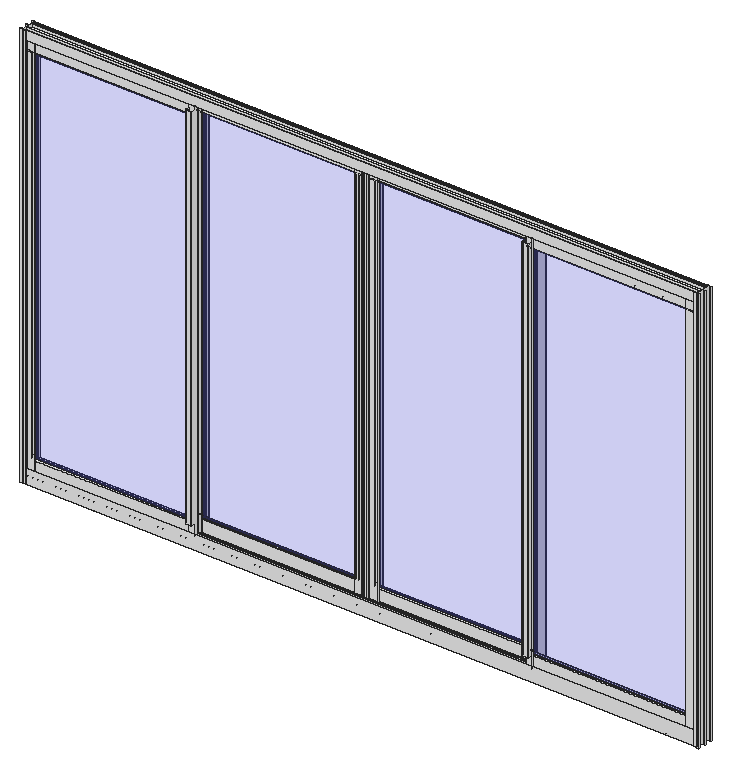
Revit family "Elite_XXXX_Standard", category Windows, host Wall, Revit 2014
Parameters (values of type "Elite-3018XXXX-1000Pa")
  Windload Design = if(Custom Windload < 1001 mm, 1000 mm, if(Custom Windload < 1501 mm, 1500 mm, 2000 mm))  # 1000 mm
  Width Sash Side [instance] = 755.75 mm
  Width Sash Middle [instance] = 755.75 mm
  Wall Thickness [instance] = 200 mm
  Sash Width Middle = (Width - (12 mm * 2) - (2 * Sash Width Sides)) / 2 + 28.5 mm  # 755.75 mm
  Sash Width Sides = if(Equal Sash Width, (Width - (2 mm * 12)) / 4 + (28.5 mm / 2), if(Custom Sash Width Side < Limit Sash Width Side Min, Limit Sash Width Side Min, if(Custom Sash Width Side > Limit Sash Width Side Max, Limit Sash Width Side Max, Custom Sash Width Side)))  # 755.75 mm
  Sash Side Spacing = 1 mm  # constant formula
  Sash Rail Fore Aft Spacing = 5.2 mm  # constant formula
  Sash Height = Height - 29 mm - 54 mm  # 1707 mm
  Sash Frame Seal = 1.3 mm  # constant formula
  Overall Width [instance] = 2990 mm
  Overall Height [instance] = 1790 mm
  Outside Heavy Duty Interlocker = if(Interlocker Configuration = 2 mm, 1 = 1, 1 = 0)  # yes
  Model = "Elite Slideing Window XXXX"
  Max Pane Area = if(Area Middle Sash Glazing > Area Side Sash Glazing, Area Middle Sash Glazing, Area Side Sash Glazing)  # 1.12041 m²
  Manufacturer = "Crealco"
  Limit Window Width Min = (4 * Limit Sash Width Min) + (2 mm * 12.5) - (2 * 29.8 mm) + 1.5 mm  # 1166.9 mm
  Limit Window Width Max = if(Windload Design = 1000 mm, 2990 mm, if(Windload Design = 1500 mm, if(Custom Window Height > 1490 mm, 2690 mm, 2990 mm), 2990 mm))  # 2990 mm
  Limit Window Height Min = Limit Sash Height Min + (29 mm + 54 mm)  # 383 mm
  Limit Window Height Max = if(Windload Design = 1000 mm, Limit Sash Height Max + (29 mm + 54 mm), if(Windload Design = 1500 mm, if(and(Custom Window Height > 1490 mm, Custom Window Width > 2690 mm), 1490 mm, Limit Sash Height Max + (29 mm + 54 mm)), 1490 mm))  # 1883 mm
  Limit Sash Width Min = 300 mm  # constant formula
  Limit Sash Width Max = 1500 mm  # constant formula
  Limit Sash Width Side Min = if((Width - (2 mm * 12.5) - (2 * Limit Sash Width Max) + (2 * 29.8 mm) - 1.5 mm) / 2 < Limit Sash Width Min, Limit Sash Width Min, (Width - (2 mm * 12.5) - (2 * Limit Sash Width Max) + (2 * 29.8 mm) - 1.5 mm) / 2)  # 300 mm
  Limit Sash Width Side Max = if((Width - (2 mm * 12.5) - (2 * Limit Sash Width Min) + (2 * 29.8 mm) - 1.5 mm) / 2 > Limit Sash Width Max, Limit Sash Width Max, (Width - (2 mm * 12.5) - (2 * Limit Sash Width Min) + (2 * 29.8 mm) - 1.5 mm) / 2)  # 1211.55 mm
  Limit Sash Height Min = 300 mm  # constant formula
  Limit Sash Height Max = 1800 mm  # constant formula
  Interlocker Configuration = if(Windload Design = 1000 mm, if(not(Height > 1190 mm), 0 mm, if(and(Width > 2390 mm, Height > 1490 mm), 2 mm, 1 mm)), if(Windload Design = 1500 mm, if(or(not(Height > 890 mm), and(not(Height > 1190 mm), not(Width > 2690 mm))), 0 mm, if(Height > 1490 mm, 2 mm, 1 mm)), if(not(Height > 890 mm), 0 mm, if(and(Height > 1190 mm, Width > 2390 mm), 2 mm, 1 mm))))  # 2 mm
  Height Sash [instance] = 1707 mm
  Height = if(Custom Window Height < Limit Window Height Min, Limit Window Height Min, if(Custom Window Height > Limit Window Height Max, Limit Window Height Max, Custom Window Height))  # 1790 mm
  Inside Heavy Duty Interlocker = if(or(Interlocker Configuration = 1 mm, Interlocker Configuration = 2 mm), 1 = 1, 1 = 0)  # yes
  Glazing Thickness = if(not(Max Pane Area > 0.75 m²), 4 mm, if(not(Max Pane Area > 1.50 m²), 4 mm, if(not(Max Pane Area > 2.10 m²), 5 mm, if(not(Max Pane Area > 2.90 m²), 6.4 mm, if(not(Max Pane Area > 4.30 m²), 8 mm, 10 mm)))))  # 4 mm
  Glass Type = Glass
  Frame Thickness = 70.3 mm  # constant formula
  Frame Offset From Exterior [instance] = if(Centered In Wall, (Wall Thickness - Frame Thickness) / 2, Custom Frame Offset From Exterior)  # 64.85 mm
  Equal Sash Width = yes
  Description = "Elite Slideing Window XXXX"
  Default Sill Height = 800 mm
  Wall Closure = By host
  Width = if(Custom Window Width < Limit Window Width Min, Limit Window Width Min, if(Custom Window Width > Limit Window Width Max, Limit Window Width Max, Custom Window Width))  # 2990 mm
  Custom Window Width = 2990 mm
  Custom Window Height = 1790 mm
  Custom Windload = 1000 mm
  Custom Sash Width Side = 800 mm
  Custom Frame Offset From Exterior = 0 mm
  Centered In Wall = yes
  Astragal Sash Gap = 0.9 mm  # constant formula
  Area Middle Sash Glazing = (Sash Width Middle - 21 mm - 41 mm) * (Sash Height - (46 mm * 2))  # 1.12041 m²
  Area Side Sash Glazing = (Sash Width Sides - 21 mm - 41 mm) * (Sash Height - (46 mm * 2))  # 1.12041 m²
  Aluminium Finish [instance] = White Powder Coated Aluminium ANP 1052
Reference planes
  plane 1 "Center (Front/Back)": y = 0
  plane 2 "Center (Left/Right)": x = 0
  plane 3 "Left": x = -1495
  plane 4 "Right": x = 1495
  plane 5 "Sill": z = 800
  plane 6 "Head": z = 2590
  plane 7 "Exterior": y = 100
  plane 8 "Interior": y = -100
Lines and regions (mm)
  Opening 1
    outline origin (3500, -100, 0) x (1, 0, 0) y (0, 0, 1)
      loop
        line (-2005, 800) -> (-2005, 2590) -> (-4995, 2590) -> (-4995, 800) -> (-2005, 800)
Text (mm)
  text "EXTERIOR" at (-1963.203, 1332.353, 0), in view "Ref. Level"
  text "INTERIOR" at (-1981.466, -818.386, 0), in view "Ref. Level"
  text "Exterior" at (0, 923.751, 2943.296), in view "Right"
  text "Exterior" at (0, 1040.484, 2685.409), in view "Left"
Dimensions and locks
  equal spacing: plane 3 "Left", plane 2 "Center (Left/Right)", plane 4 "Right"
  "Width": plane 3 "Left" to plane 4 "Right"
  "Height": plane 5 "Sill" to plane 6 "Head"
  "Default Sill Height": plane 5 "Sill" to level
  locked: plane 7 "Exterior" to host wall at 0
  locked: plane 8 "Interior" to host wall
  "Overall Height": plane 6 "Head" to plane 5 "Sill"
  "Overall Width": plane 3 "Left" to plane 4 "Right"
  locked: host wall to nested 1 at 35.15
  "Sash Side Spacing": nested 1 to nested 2
  "Sash Side Spacing": nested 3 to nested 1  (x2)
  "Sash Side Spacing": nested 2 to nested 1
  "Sash Rail Fore Aft Spacing": nested 4 to nested 1
  "Sash Rail Fore Aft Spacing": nested 5 to nested 1
  "Width Sash Side": nested 3 to nested 3
  "Height Sash": nested 3 to nested 3
  "Width Sash Middle": nested 5 to nested 5
  aligned and locked: nested 1 to plane 6 "Head"
  aligned and locked: nested 1 to plane 4 "Right"
  aligned and locked: nested 4 to nested 2
  aligned and locked: nested 5 to nested 3
  aligned and locked: nested 5 to nested 1
  aligned and locked: nested 4 to nested 1
  aligned and locked: nested 3 to nested 1
  aligned and locked: nested 2 to nested 1
  aligned and locked: nested 6 to nested 5
  aligned and locked: nested 5 to nested 6  (x2)
Automatic sketch dimensions
  plane 3 "Left" to Opening 1 sketch curve = 0 mm
  plane 4 "Right" to Opening 1 sketch curve = 0 mm
  Opening 1 sketch curve to plane 5 "Sill" = 0 mm
  Opening 1 sketch curve to plane 6 "Head" = 0 mm
Nested families
  nested 1: "Elite_Frame_OXXO_XOX" at (-206.5, -54.85, 1480.667), Width <- "Width", Height <- "Height", Profile Material <- "Aluminium Finish", type "Elite_Frame_OXXO_XOX"
    with Width 2990 mm, Profile Material White Powder Coated Aluminium ANP 1052, Length Jamb 1790 mm, Length Head & Sill 2967 mm, Height 1790 mm
  nested 2: "Elit_Sash_Inner" at (-1482.5, -30.5, 854) x (-1, 0, 0) z (0, 0, 1), Profile Material <- "Aluminium Finish", Glazing Material <- "Glass Type", Sash Width <- "Sash Width Sides", Sash Height <- "Sash Height", Glazing Thickness <- "Glazing Thickness", Is Heavy Duty Interlocker <- "Inside Heavy Duty Interlocker", type "Elit_Sash_Inner"
    with Sash Width 755.75 mm, Sash Height 1707 mm, Right Sliding yes, Profile Material White Powder Coated Aluminium ANP 1052, Length Sash Head & Sill 739.75 mm, Length Arrow Tip 66.177 mm, Length Arrow 218.383 mm, Left Sliding no, Is Standard Interlocker no, Is Sliding yes, Is Heavy Duty Interlocker yes, Glazing Width 693.75 mm, Glazing Thickness 4 mm, Glazing Start -2 mm, Glazing Material Glass, Glazing Height 1615 mm, Glazing Frame Side Gap 3 mm, Glazing End 2 mm, Arrow Tip Length 66.177 mm, Arrow Left Gap 237.683 mm, Arrow Bottom Gap 807.5 mm
  nested 3: "Elit_Sash_Inner" at (1482.5, -30.5, 854), Sash Width <- "Sash Width Sides", Sash Height <- "Sash Height", Profile Material <- "Aluminium Finish", Glazing Material <- "Glass Type", Glazing Thickness <- "Glazing Thickness", Is Heavy Duty Interlocker <- "Inside Heavy Duty Interlocker", type "Elit_Sash_Inner"
    with Sash Width 755.75 mm, Sash Height 1707 mm, Right Sliding yes, Profile Material White Powder Coated Aluminium ANP 1052, Length Sash Head & Sill 739.75 mm, Length Arrow Tip 66.177 mm, Length Arrow 218.383 mm, Left Sliding no, Is Standard Interlocker no, Is Sliding yes, Is Heavy Duty Interlocker yes, Glazing Width 693.75 mm, Glazing Thickness 4 mm, Glazing Start -2 mm, Glazing Material Glass, Glazing Height 1615 mm, Glazing Frame Side Gap 3 mm, Glazing End 2 mm, Arrow Tip Length 66.177 mm, Arrow Left Gap 237.683 mm, Arrow Bottom Gap 807.5 mm
  nested 4: "Elite_Sash_Outer" at (-0.8, 30.15, 854), Sash Width <- "Sash Width Middle", Sash Height <- "Sash Height", Profile Material <- "Aluminium Finish", Glazing Material <- "Glass Type", Glazing Thickness <- "Glazing Thickness", Is Heavy Duty Interlocker <- "Outside Heavy Duty Interlocker", type "Elite_Sash_Outer"
    with Sash Width 755.75 mm, Sash Height 1707 mm, Right Sliding yes, Profile Material White Powder Coated Aluminium ANP 1052, Length Sash Head & Sill 739.75 mm, Length Arrow Tip 66.177 mm, Length Arrow 218.383 mm, Left Sliding no, Is Standard Interlocker no, Is Sliding yes, Is Heavy Duty Interlocker yes, Glazing Width 693.75 mm, Glazing Thickness 4 mm, Glazing Start -2 mm, Glazing Material Glass, Glazing Height 1615 mm, Glazing Frame Side Gap 3 mm, Glazing End 2 mm, Arrow Tip Length 66.177 mm, Arrow Left Gap 237.683 mm, Arrow Bottom Gap 807.5 mm
  nested 5: "Elite_Sash_Outer" at (0.8, 30.15, 854) x (-1, 0, 0) z (0, 0, 1), Sash Width <- "Sash Width Middle", Sash Height <- "Sash Height", Profile Material <- "Aluminium Finish", Glazing Material <- "Glass Type", Glazing Thickness <- "Glazing Thickness", Is Heavy Duty Interlocker <- "Outside Heavy Duty Interlocker", type "Elite_Sash_Outer"
    with Sash Width 755.75 mm, Sash Height 1707 mm, Right Sliding yes, Profile Material White Powder Coated Aluminium ANP 1052, Length Sash Head & Sill 739.75 mm, Length Arrow Tip 66.177 mm, Length Arrow 218.383 mm, Left Sliding no, Is Standard Interlocker no, Is Sliding yes, Is Heavy Duty Interlocker yes, Glazing Width 693.75 mm, Glazing Thickness 4 mm, Glazing Start -2 mm, Glazing Material Glass, Glazing Height 1615 mm, Glazing Frame Side Gap 3 mm, Glazing End 2 mm, Arrow Tip Length 66.177 mm, Arrow Left Gap 237.683 mm, Arrow Bottom Gap 807.5 mm
  nested 6: "Elite_Meeting_Stile_Adaptor" at (-9.95, 45.45, 854) x (0, -1, 0) z (0, 0, 1), Profile Material <- "Aluminium Finish", Length Meeting Stile Adaptor <- "Sash Height", type "Elite_Meeting_Stile_Adaptor"
    with Profile Material White Powder Coated Aluminium ANP 1052, Length Meeting Stile Adaptor 1707 mm
Definition of nested family "Elite_Frame_OXXO_XOX"
  Parameters (values of type "Elite_Frame_OXXO_XOX")
    Width [instance] = 1200 mm
    Profile Material [instance] = none
    Length Jamb [instance] = Height  # 900 mm
    Length Head & Sill [instance] = Width - 2 * 11.5 mm  # 1177 mm
    Height [instance] = 900 mm
  Reference planes
    plane 1 "Center (Front/Back)": y = 0
    plane 2: z = 0
    plane 3 "Center (Left/Right)": x = 0
  Dimensions and locks
    aligned and locked: level to plane 2
    aligned and locked: nested 4 to nested 2
    aligned and locked: nested 2 to nested 4  (x2)
    aligned and locked: nested 3 to nested 2  (x3)
    aligned and locked: nested 1 to nested 4  (x2)
    aligned and locked: nested 4 to nested 1
  Nested families
    nested 1: "Elite_Frame_Head" at (-1277, 21.2, 968.793), Length Frame Head <- "Length Head & Sill", Profile Material <- "Profile Material", type "Elite_Frame_Head"
      with Profile Material none, Length Frame Head 1177 mm
    nested 2: "Elite_Frame_Sill" at (-100, 88.2, 209.333) x (-1, 0, 0) z (0, 0, 1), Profile Material <- "Profile Material", Length Frame Sill <- "Length Head & Sill", type "Elite_Frame_Sill"
      with Profile Material none, Length Frame Sill 1177 mm
    nested 3: "Elite_Frame_Jamb" at (-1264, 19.7, 209.333) x (0, 1, 0) z (0, 0, 1), Profile Material <- "Profile Material", Length Frame Jamb <- "Length Jamb", type "Elite_Frame_Jamb"
      with Profile Material none, Length Frame Jamb 900 mm
    nested 4: "Elite_Frame_Jamb_Mirror" at (-113, 90, 209.333) x (0, -1, 0) z (0, 0, 1), Profile Material <- "Profile Material", Length Frame Jamb <- "Length Jamb", type "Elite_Frame_Jamb_Mirror"
      with Profile Material none, Length Frame Jamb 900 mm
  Definition of nested family "Elite_Frame_Head"
    Parameters (values of type "Elite_Frame_Head")
      Profile Material [instance] = none
      Length Frame Head [instance] = 250 mm
    Reference planes
      plane 1 "Center (Front/Back)": y = 0
      plane 2: z = 0
      plane 3 "Center (Left/Right)": x = 0
    Forms (mm)
      Extrusion 1, solid, material <- "Profile Material"
        sketch origin (0, 0, 0) x (0, 1, 0) y (0, 0, 1)
          loop
            line (11.5, 102.54) -> (20.5, 102.54) -> (20.5, 111.54) -> (19.1, 111.54) -> (19.1, 103.94) -> (12.9, 103.94) -> (12.9, 128.64) -> (54.1, 128.64) -> (54.1, 103.94) -> (47.9, 103.94) -> (47.9, 111.54) -> (46.5, 111.54) -> (46.5, 102.54) -> (55.5, 102.54) -> (55.5, 128.64) -> (65.5, 128.64) -> (65.5, 102.54) -> (67, 102.54) -> (67, 140.54) -> (61.65, 140.54) -> (61.65, 139.14) -> (65.5, 139.14) -> (65.5, 130.04) -> (49.298, 130.04) -> (49.298, 140.54) -> (47.9, 140.54) -> (47.9, 130.04) -> (19.1, 130.04) -> (19.1, 140.54) -> (17.7, 140.54) -> (17.7, 130.04) -> (1.5, 130.04) -> (1.5, 139.14) -> (5.35, 139.14) -> (5.35, 140.54) -> (0, 140.54) -> (0, 102.54) -> (1.5, 102.54) -> (1.5, 128.64) -> (11.5, 128.64) -> (11.5, 102.54)
        from 0 to 250 <- "Length Frame Head"
    Dimensions and locks
      aligned and locked: level to plane 2
  Definition of nested family "Elite_Frame_Sill"
    Parameters (values of type "Elite_Frame_Sill")
      Profile Material [instance] = none
      Length Frame Sill [instance] = 250 mm
    Reference planes
      plane 1 "Center (Front/Back)": y = 0
      plane 2: z = 0
      plane 3 "Center (Left/Right)": x = 0
    Forms (mm)
      Extrusion 1, solid, material <- "Profile Material"
        sketch origin (0, 0, 0) x (0, 1, 0) y (0, 0, 1)
          loop
            line (20.5, 61.807) -> (15.922, 62.99) -> (11.5, 61.805) -> (11.5, 54) -> (12.9, 54) -> (12.9, 60.734) -> (16.078, 61.54) -> (19.1, 60.731) -> (19.1, 37) -> (12.88, 36.997) -> (0, 35.262) -> (0, 11.5) -> (1.4, 11.5) -> (1.4, 15) -> (12, 15) -> (12, 0) -> (17, 0) -> (17, 1) -> (13.4, 1) -> (13.4, 5) -> (17, 5) -> (17, 6) -> (13.4, 6) -> (13.4, 18.532) -> (65.6, 20.009) -> (65.6, 6) -> (62, 6) -> (62, 5) -> (65.6, 5) -> (65.6, 1) -> (62, 1) -> (62, 0) -> (67, 0) -> (67, 63) -> (65.6, 63) -> (65.6, 37) -> (55.5, 37) -> (55.5, 61.807) -> (50.922, 62.99) -> (46.5, 61.805) -> (46.5, 54) -> (47.9, 54) -> (47.9, 60.734) -> (51.078, 61.54) -> (54.1, 60.731) -> (54.1, 37) -> (20.5, 37) -> (20.5, 61.807)
          loop
            line (65.6, 35.6) -> (12.994, 35.6) -> (1.4, 34.038) -> (1.4, 16.4) -> (12, 16.4) -> (12, 19.893) -> (65.6, 21.409) -> (65.6, 35.6)
        from 0 to 250 <- "Length Frame Sill"
    Dimensions and locks
      aligned and locked: level to plane 2
  Definition of nested family "Elite_Frame_Jamb"
    Parameters (values of type "Elite_Frame_Jamb")
      Void Spacing Top = 13 mm  # constant formula
      Void Spacing Bottom = 38 mm  # constant formula
      Void Cut Length = 13 mm  # constant formula
      Profile Material [instance] = none
      Length Frame Jamb [instance] = 250 mm
    Reference planes
      plane 1 "Center (Front/Back)": y = 0
      plane 2: z = 0
      plane 3 "Center (Left/Right)": x = 0
    Forms (mm)
      Extrusion 1, solid, material <- "Profile Material"
        sketch origin (-5.594, -3.252, 0) x (1, 0, 0) y (0, 1, 0)
          loop
            line (7.094, 26.252) -> (12.594, 26.252) -> (12.594, 27.752) -> (5.594, 27.752) -> (5.594, 3.252) -> (7.094, 3.252) -> (7.094, 16.252) -> (14.744, 16.252) -> (14.744, 10.793) -> (17.03, 3.252) -> (18.599, 3.252) -> (15.994, 11.791) -> (15.994, 16.252) -> (30.494, 16.252) -> (30.494, 11.791) -> (27.888, 3.252) -> (29.457, 3.252) -> (31.744, 10.75) -> (31.744, 16.252) -> (74.394, 16.252) -> (74.394, 3.252) -> (75.894, 3.252) -> (75.894, 27.752) -> (68.894, 27.752) -> (68.894, 26.252) -> (74.394, 26.252) -> (74.394, 17.752) -> (41.394, 17.752) -> (41.394, 27.752) -> (40.094, 27.752) -> (40.094, 17.752) -> (7.094, 17.752) -> (7.094, 26.252)
        from 0 to 250 <- "Length Frame Jamb"
      Extrusion 2, void
        sketch origin (68.8, 0, 0) x (-1, 0, 0) y (0, 0, 1)
          loop
            line (59.65, 250) -> (42.649, 250) -> (42.649, 237) -> (59.65, 237) -> (59.65, 250)
          loop
            line (42.649, 0) -> (59.65, 0) -> (59.65, 38) -> (42.649, 38) -> (42.649, 0)
        from 0 to 13 <- "Void Cut Length"
    Cuts and joins
      Extrusion 2 cuts Extrusion 1
    Dimensions and locks
      "Void Spacing Bottom": Extrusion 2 sketch curve to Extrusion 2 sketch curve
      "Void Spacing Top": Extrusion 2 sketch curve to Extrusion 2 sketch curve
      aligned and locked: level to plane 2
      aligned and locked: Extrusion 2 sketch curve to Extrusion 1  (x6)
    Automatic sketch dimensions
      plane 1 "Center (Front/Back)" to Extrusion 1 sketch curve = 0 mm  (x4)
      Extrusion 1 sketch curve to plane 3 "Center (Left/Right)" = 0 mm
      plane 3 "Center (Left/Right)" to Extrusion 1 sketch curve = 1.5 mm  (x2)
      Extrusion 1 sketch curve to Extrusion 1 sketch curve = 5.5 mm  (x2)
      Extrusion 1 sketch curve to Extrusion 1 sketch curve = 7.65 mm
      Extrusion 1 sketch curve to Extrusion 1 sketch curve = 1.25 mm
      Extrusion 1 sketch curve to Extrusion 1 sketch curve = 2.287 mm
      Extrusion 1 sketch curve to Extrusion 1 sketch curve = 1.569 mm
      Extrusion 1 sketch curve to Extrusion 1 sketch curve = 9.29 mm
      Extrusion 1 sketch curve to Extrusion 1 sketch curve = 1.568 mm
      Extrusion 1 sketch curve to Extrusion 1 sketch curve = 1.037 mm
      Extrusion 1 sketch curve to plane 1 "Center (Front/Back)" = 7.498 mm
      Extrusion 1 sketch curve to Extrusion 1 sketch curve = 1.251 mm
      Extrusion 1 sketch curve to Extrusion 1 sketch curve = 8.349 mm
      Extrusion 1 sketch curve to Extrusion 1 sketch curve = 1.3 mm
      Extrusion 1 sketch curve to Extrusion 1 sketch curve = 27.5 mm
      Extrusion 1 sketch curve to Extrusion 1 sketch curve = 0 mm  (x3)
      Extrusion 1 sketch curve to Extrusion 1 sketch curve = 1.5 mm  (x5)
      Extrusion 1 sketch curve to plane 1 "Center (Front/Back)" = 7.54 mm
      Extrusion 1 sketch curve to Extrusion 1 sketch curve = 0.998 mm
      Extrusion 1 sketch curve to Extrusion 1 sketch curve = 1.041 mm
      Extrusion 1 sketch curve to Extrusion 1 sketch curve = 4.461 mm
      Extrusion 1 sketch curve to Extrusion 1 sketch curve = 8.5 mm  (x2)
      Extrusion 1 sketch curve to Extrusion 1 sketch curve = 10 mm
  Definition of nested family "Elite_Frame_Jamb_Mirror"
    Parameters (values of type "Elite_Frame_Jamb_Mirror")
      Void Spacing Top = 13 mm  # constant formula
      Void Spacing Bottom = 38 mm  # constant formula
      Void Cut Length = 13 mm  # constant formula
      Profile Material [instance] = none
      Length Frame Jamb [instance] = 250 mm
    Reference planes
      plane 1 "Center (Front/Back)": y = 0
      plane 2: z = 0
      plane 3 "Center (Left/Right)": x = 0
    Forms (mm)
      Extrusion 1, solid, material <- "Profile Material"
        sketch origin (-5.594, -3.252, 0) x (1, 0, 0) y (0, 1, 0)
          loop
            line (74.394, 26.252) -> (74.394, 17.752) -> (41.394, 17.752) -> (41.394, 27.752) -> (40.094, 27.752) -> (40.094, 17.752) -> (7.094, 17.752) -> (7.094, 26.252) -> (12.594, 26.252) -> (12.594, 27.752) -> (5.594, 27.752) -> (5.594, 3.252) -> (7.094, 3.252) -> (7.094, 16.252) -> (49.743, 16.252) -> (49.743, 10.75) -> (52.03, 3.252) -> (53.599, 3.252) -> (50.994, 11.791) -> (50.994, 16.252) -> (65.494, 16.252) -> (65.494, 11.791) -> (62.888, 3.252) -> (64.457, 3.252) -> (66.744, 10.793) -> (66.744, 16.252) -> (74.394, 16.252) -> (74.394, 3.252) -> (75.894, 3.252) -> (75.894, 27.752) -> (68.894, 27.752) -> (68.894, 26.252) -> (74.394, 26.252)
        from 0 to 250 <- "Length Frame Jamb"
      Extrusion 2, void
        sketch origin (70.3, 0, 0) x (1, 0, 0) y (0, 0, -1)
          loop
            line (-26.151, -237) -> (-26.151, -250) -> (-9.15, -250) -> (-9.15, -237) -> (-26.151, -237)
          loop
            line (-26.151, -38) -> (-9.15, -38) -> (-9.15, 0) -> (-26.151, 0) -> (-26.151, -38)
        from 0 to 13 <- "Void Cut Length"
    Cuts and joins
      Extrusion 2 cuts Extrusion 1
    Dimensions and locks
      "Void Spacing Top": Extrusion 2 sketch curve to Extrusion 2 sketch curve
      "Void Spacing Bottom": Extrusion 2 sketch curve to Extrusion 2 sketch curve
      aligned and locked: level to plane 2
      aligned and locked: Extrusion 1 to Extrusion 2 sketch curve  (x2)
      aligned and locked: Extrusion 2 sketch curve to Extrusion 1
      aligned and locked: Extrusion 2 sketch curve to cut or joined group of Extrusion 1, Extrusion 2  (x3)
    Automatic sketch dimensions
      Extrusion 1 sketch curve to plane 3 "Center (Left/Right)" = 0 mm
      plane 1 "Center (Front/Back)" to Extrusion 1 sketch curve = 0 mm  (x4)
      plane 3 "Center (Left/Right)" to Extrusion 1 sketch curve = 1.5 mm  (x2)
      Extrusion 1 sketch curve to Extrusion 1 sketch curve = 5.5 mm  (x2)
      Extrusion 1 sketch curve to Extrusion 1 sketch curve = 27.5 mm
      Extrusion 1 sketch curve to Extrusion 1 sketch curve = 1.3 mm
      Extrusion 1 sketch curve to Extrusion 1 sketch curve = 8.349 mm
      Extrusion 1 sketch curve to Extrusion 1 sketch curve = 1.251 mm
      Extrusion 1 sketch curve to Extrusion 1 sketch curve = 2.288 mm
      Extrusion 1 sketch curve to Extrusion 1 sketch curve = 1.568 mm
      Extrusion 1 sketch curve to Extrusion 1 sketch curve = 9.29 mm
      Extrusion 1 sketch curve to Extrusion 1 sketch curve = 1.569 mm
      Extrusion 1 sketch curve to Extrusion 1 sketch curve = 1.037 mm
      Extrusion 1 sketch curve to Extrusion 1 sketch curve = 1.25 mm
      Extrusion 1 sketch curve to Extrusion 1 sketch curve = 2.15 mm
      Extrusion 1 sketch curve to Extrusion 1 sketch curve = 0 mm  (x3)
      Extrusion 1 sketch curve to Extrusion 1 sketch curve = 1.5 mm  (x5)
      Extrusion 1 sketch curve to plane 1 "Center (Front/Back)" = 7.498 mm
      Extrusion 1 sketch curve to plane 1 "Center (Front/Back)" = 7.54 mm
      Extrusion 1 sketch curve to Extrusion 1 sketch curve = 0.998 mm
      Extrusion 1 sketch curve to Extrusion 1 sketch curve = 1.041 mm
      Extrusion 1 sketch curve to Extrusion 1 sketch curve = 4.461 mm
      Extrusion 1 sketch curve to Extrusion 1 sketch curve = 8.5 mm  (x2)
      Extrusion 1 sketch curve to Extrusion 1 sketch curve = 10 mm
Definition of nested family "Elit_Sash_Inner"
  Parameters (values of type "Elit_Sash_Inner")
    Top&Bottom Side Spacing = 14.5 mm  # constant formula
    Sash Width [instance] = 1500 mm
    Sash Height [instance] = 1200 mm
    Right Sliding [instance] = yes
    Profile Material [instance] = White Powder Coated Aluminium ANP 1052
    Overlap Gap = 1.4 mm  # constant formula
    Middle of Glazing = 13 mm  # constant formula
    Length Sash Head & Sill [instance] = Sash Width - 14.5 mm - 1.5 mm  # 1484 mm
    Length Arrow Tip [instance] = Length Arrow / 3.3  # 141.354 mm
    Length Arrow [instance] = (Sash Width - (2 * 50.3 mm)) / 3  # 466.467 mm
    Left Sliding [instance] = yes
    Is Standard Interlocker [instance] = not(Is Heavy Duty Interlocker)  # no
    Is Sliding [instance] = if(or(Right Sliding, Left Sliding), 1 = 1, 1 = 2)  # yes
    Is Heavy Duty Interlocker [instance] = yes
    Glazing Width [instance] = Sash Width - 21 mm - 41 mm  # 1438 mm
    Glazing Thickness [instance] = 6.4 mm
    Glazing Start [instance] = -Glazing Thickness / 2  # -3.2 mm
    Glazing Side Spacing = 41 mm  # constant formula
    Glazing Profile Gap = 459.05 mm
    Glazing Material [instance] = Glass
    Glazing Height [instance] = Sash Height - (46 mm * 2)  # 1108 mm
    Glazing Frame Side Gap [instance] = (10 mm - Glazing Thickness) / 2  # 1.8 mm
    Glazing Frame Gap = 5 mm  # constant formula
    Glazing End [instance] = Glazing Thickness / 2  # 3.2 mm
    Glazing Edge Interlocker Gap = 17 mm  # constant formula
    Glazing Edge Bottom and Top Gap = 46 mm  # constant formula
    Arrow Tip Length [instance] = if((Sash Height - (2 * 50.3 mm)) / 8 > Length Arrow / 3.3, Length Arrow / 3.3, (Sash Height - (2 * 50.3 mm)) / 8)  # 137.425 mm
    Arrow Tip Angle = 45.00°
    Arrow Left Gap [instance] = (Sash Width - 21 mm - 41 mm - Length Arrow) / 2  # 485.767 mm
    Arrow Bottom Gap [instance] = Sash Height / 2 - 46 mm  # 554 mm
    1.5 Spacing = 1.5 mm  # constant formula
  Reference planes
    plane 1 "Center (Front/Back)": y = 0
    plane 2: z = 0
    plane 3 "Center (Left/Right)": x = 0
    plane 4: y = -13
  Forms (mm)
    Extrusion 1, solid, material "Glass" <- "Glazing Material"
      sketch origin (-1492.688, -13, 1709.9) x (-1, 0, 0) y (0, 0, 1)
        loop
          line (-13.688, -555.9) -> (-1451.688, -555.9) -> (-1451.688, -1663.9) -> (-13.688, -1663.9) -> (-13.688, -555.9)
      from -3.2 <- "Glazing Start" to 3.2 <- "Glazing End"
  Lines and regions (mm)
    model lines, visible <- "Is Sliding"
      curve 1: line (-993.233, -16.2, 600) -> (-526.767, -16.2, 600)
    model lines, visible <- "Left Sliding"
      curve 2: line (-526.767, -16.2, 600) -> (-623.941, -16.2, 697.174)
      curve 3: line (-526.767, -16.2, 600) -> (-623.941, -16.2, 502.826)
    model lines, visible <- "Right Sliding"
      curve 4: line (-993.233, -16.2, 600) -> (-893.281, -16.2, 699.952)
      curve 5: line (-993.233, -16.2, 600) -> (-893.281, -16.2, 500.048)
  Dimensions and locks
    "Length Arrow": curve 1 to curve 1
    "Arrow Left Gap": Extrusion 1 to curve 1
    "Arrow Bottom Gap": Extrusion 1 to curve 1
    "Arrow Tip Length": curve 3 to curve 2
    "Arrow Tip Length": curve 3 to curve 3
    "Length Arrow Tip": curve 5 to curve 5
    "Length Arrow Tip": curve 5 to curve 4
    "Middle of Glazing": plane 4 to plane 1 "Center (Front/Back)"
    "Glazing Width": Extrusion 1 to Extrusion 1
    "Glazing Height": Extrusion 1 to Extrusion 1
    "Sash Width": nested 2 to plane 3 "Center (Left/Right)"
    "Glazing Side Spacing": Extrusion 1 to plane 3 "Center (Left/Right)"
    "1.5 Spacing": nested 3 to plane 1 "Center (Front/Back)"
    "Top&Bottom Side Spacing": nested 3 to plane 3 "Center (Left/Right)"
    "Top&Bottom Side Spacing": nested 4 to plane 3 "Center (Left/Right)"
    "1.5 Spacing": nested 4 to plane 1 "Center (Front/Back)"
    "Sash Height": nested 3 to plane 2
    "Glazing Edge Bottom and Top Gap": plane 2 to Extrusion 1
    "Sash Width": nested 5 to plane 3 "Center (Left/Right)"
    "Arrow Tip Angle": angle curve 3 to curve 1
    "Arrow Tip Angle": angle curve 1 to curve 2
    "Arrow Tip Angle": angle curve 4 to curve 1
    "Arrow Tip Angle": angle curve 1 to curve 5
    aligned and locked: level to plane 2
    aligned and locked: plane 3 "Center (Left/Right)" to nested 1
    aligned and locked: nested 1 to plane 2
    aligned and locked: nested 4 to plane 2
    aligned and locked: nested 2 to plane 2
    aligned and locked: nested 2 to plane 1 "Center (Front/Back)"
    aligned and locked: nested 5 to plane 1 "Center (Front/Back)"
    aligned and locked: nested 5 to plane 2
  Automatic sketch dimensions
    Extrusion 1 sketch curve to Extrusion 1 sketch curve = 1108 mm
    level to Extrusion 1 sketch curve = 46 mm
    Extrusion 1 sketch curve to plane 3 "Center (Left/Right)" = 41 mm
    Extrusion 1 sketch curve to Extrusion 1 sketch curve = 1438 mm
  Nested families
    nested 1: "Elite_Lock_Stile" at (0, -26, 0) x (0, 1, 0) z (0, 0, 1), Profile Material <- "Profile Material", Length Lock Stile <- "Sash Height", type "Elite_Lock_Stile"
      with Profile Material White Powder Coated Aluminium ANP 1052, Length Lock Stile 1200 mm
    nested 2: "Elite_Interlocker" at (-1506.667, 6.916, 0) x (0, -1, 0) z (0, 0, 1), Profile Material <- "Profile Material", Length Interlocker <- "Sash Height", visible <- "Is Standard Interlocker", type "Elite_Interlocker"
      with Profile Material White Powder Coated Aluminium ANP 1052, Length Interlocker 1200 mm
    nested 3: "Elite_Sash_Top" at (-1498.5, -24.2, 1052), Profile Material <- "Profile Material", Length Sash Top <- "Length Sash Head & Sill", type "Elite_Sash_Top"
      with Profile Material White Powder Coated Aluminium ANP 1052, Length Sash Top 1484 mm
    nested 4: "Elite_Sash_Bottom" at (-1498.5, -24.2, 0), Profile Material <- "Profile Material", Length Sash Bottom <- "Length Sash Head & Sill", type "Elite_Sash_Bottom"
      with Profile Material White Powder Coated Aluminium ANP 1052, Length Sash Bottom 1484 mm
    nested 5: "Elite_Heavy_Duty_Interlocker_Inside" at (-1500, 20, 0) x (0, -1, 0) z (0, 0, 1), Length Heavy Duty Interlocker <- "Sash Height", Profile Material <- "Profile Material", visible <- "Is Heavy Duty Interlocker", type "Elite_Heavy_Duty_Interlocker_Inside"
      with Profile Material White Powder Coated Aluminium ANP 1052, Length Heavy Duty Interlocker 1200 mm
  Definition of nested family "Elite_Lock_Stile"
    Parameters (values of type "Elite_Lock_Stile")
      Width Rail Cut = 13 mm  # constant formula
      Side Gap Rail Cut = 5 mm  # constant formula
      Profile Material [instance] = none
      Length Lock Stile [instance] = 250 mm
      Height Rail Cut = 26 mm  # constant formula
      Height Large Cut = 55 mm  # constant formula
    Reference planes
      plane 1 "Center (Front/Back)": y = 0
      plane 2: z = 0
      plane 3 "Center (Left/Right)": x = 0
    Forms (mm)
      Extrusion 1, solid, material <- "Profile Material"
        sketch origin (0, 0, 0) x (1, 0, 0) y (0, 1, 0)
          loop
            line (0, 0) -> (3.5, 0) -> (3.5, 2.4) -> (2.5, 2.4) -> (2.5, 1.2) -> (1.2, 1.2) -> (1.2, 8.8) -> (2.5, 8.8) -> (2.5, 7.6) -> (3.5, 7.6) -> (3.5, 10) -> (1.5, 10) -> (1.5, 13) -> (24.5, 13) -> (24.5, 10) -> (22.5, 10) -> (22.5, 7.6) -> (23.5, 7.6) -> (23.5, 8.8) -> (24.8, 8.8) -> (24.8, 1.2) -> (23.5, 1.2) -> (23.5, 2.4) -> (22.5, 2.4) -> (22.5, 0) -> (26, 0) -> (26, 49.8) -> (24.5, 49.8) -> (24.5, 49) -> (18, 49) -> (18, 43) -> (19.5, 43) -> (19.5, 47.5) -> (24.5, 47.5) -> (24.5, 36) -> (1.5, 36) -> (1.5, 47.5) -> (6.5, 47.5) -> (6.5, 43) -> (8, 43) -> (8, 49) -> (1.5, 49) -> (1.5, 49.8) -> (0, 49.8) -> (0, 0)
          loop
            line (1.5, 14.5) -> (24.5, 14.5) -> (24.5, 34.5) -> (13, 34.5) -> (1.5, 34.5) -> (1.5, 14.5)
        from 0 to 250 <- "Length Lock Stile"
      Extrusion 2, void
        sketch origin (24.4, 49, 0) x (1, 0, 0) y (0, 0, 1)
          loop
            line (0.1, 250) -> (-22.9, 250) -> (-22.9, 195) -> (0.1, 195) -> (0.1, 250)
          loop
            line (-22.9, 0) -> (0.1, 0) -> (0.1, 55) -> (-22.9, 55) -> (-22.9, 0)
        from 0 to 25
      Extrusion 3, void
        sketch origin (13, 14.5, 0) x (1, 0, 0) y (0, 0, 1)
          loop
            line (6.5, 250) -> (-6.5, 250) -> (-6.5, 224) -> (6.5, 224) -> (6.5, 250)
          loop
            line (6.5, 0) -> (6.5, 26) -> (-6.5, 26) -> (-6.5, 0) -> (6.5, 0)
        from 0 to 250
    Cuts and joins
      Extrusion 2, Extrusion 3 cuts Extrusion 1
    Dimensions and locks
      "Height Large Cut": Extrusion 2 sketch curve to Extrusion 2 sketch curve  (x2)
      "Height Rail Cut": Extrusion 3 sketch curve to Extrusion 3 sketch curve  (x2)
      "Width Rail Cut": Extrusion 3 sketch curve to Extrusion 3 sketch curve  (x2)
      "Side Gap Rail Cut": Extrusion 3 sketch curve to cut or joined group of Extrusion 1, Extrusion 2, Extrusion 3  (x2)
      aligned and locked: level to plane 2
      aligned and locked: Extrusion 1 to Extrusion 2 sketch curve  (x2)
      aligned and locked: Extrusion 2 sketch curve to Extrusion 1  (x4)
      aligned and locked: Extrusion 3 sketch curve to cut or joined group of Extrusion 1, Extrusion 2, Extrusion 3
      aligned and locked: cut or joined group of Extrusion 1, Extrusion 2, Extrusion 3 to Extrusion 3 sketch curve
    Automatic sketch dimensions
      Extrusion 1 sketch curve to plane 3 "Center (Left/Right)" = 0 mm
      plane 1 "Center (Front/Back)" to Extrusion 1 sketch curve = 0 mm  (x2)
      plane 3 "Center (Left/Right)" to Extrusion 1 sketch curve = 1.2 mm
      plane 3 "Center (Left/Right)" to Extrusion 1 sketch curve = 1.5 mm  (x2)
      Extrusion 1 sketch curve to Extrusion 1 sketch curve = 0 mm  (x4)
      Extrusion 1 sketch curve to Extrusion 1 sketch curve = 0.3 mm  (x2)
      Extrusion 1 sketch curve to Extrusion 1 sketch curve = 1.3 mm  (x2)
      Extrusion 1 sketch curve to Extrusion 1 sketch curve = 1 mm  (x4)
      Extrusion 1 sketch curve to Extrusion 1 sketch curve = 5 mm  (x4)
      Extrusion 1 sketch curve to Extrusion 1 sketch curve = 1.5 mm  (x6)
      Extrusion 1 sketch curve to plane 1 "Center (Front/Back)" = 2.4 mm
      Extrusion 1 sketch curve to Extrusion 1 sketch curve = 19 mm
      Extrusion 1 sketch curve to Extrusion 1 sketch curve = 2 mm
      Extrusion 1 sketch curve to Extrusion 1 sketch curve = 1.2 mm  (x6)
      Extrusion 1 sketch curve to plane 1 "Center (Front/Back)" = 1.2 mm  (x2)
      Extrusion 1 sketch curve to Extrusion 1 sketch curve = 5.2 mm  (x2)
      Extrusion 1 sketch curve to Extrusion 1 sketch curve = 3 mm
      Extrusion 1 sketch curve to Extrusion 1 sketch curve = 20 mm
      Extrusion 1 sketch curve to Extrusion 1 sketch curve = 7 mm  (x2)
      Extrusion 1 sketch curve to Extrusion 1 sketch curve = 4.5 mm  (x2)
      Extrusion 1 sketch curve to Extrusion 1 sketch curve = 0.8 mm  (x2)
  Definition of nested family "Elite_Interlocker"
    Parameters (values of type "Elite_Interlocker")
      Rail Cut Width = 13 mm  # constant formula
      Rail Cut Side Spacing = 5 mm  # constant formula
      Rail Cut Height = 26 mm  # constant formula
      Profile Material [instance] = none
      Length Interlocker [instance] = 250 mm
      Large Cut Height = 55 mm  # constant formula
    Reference planes
      plane 1 "Center (Front/Back)": y = 0
      plane 2: z = 0
      plane 3 "Center (Left/Right)": x = 0
    Forms (mm)
      Extrusion 1, solid, material <- "Profile Material"
        sketch origin (0, 0, 0) x (1, 0, 0) y (0, 1, 0)
          loop
            line (6.916, 36.467) -> (6.916, 6.667) -> (39.416, 6.667) -> (39.416, 9.551) -> (38.416, 9.551) -> (38.416, 8.167) -> (37.116, 8.167) -> (37.116, 9.551) -> (36.116, 9.551) -> (36.116, 8.167) -> (32.916, 8.167) -> (32.916, 15.167) -> (36.116, 15.167) -> (36.116, 13.78) -> (37.116, 13.78) -> (37.116, 15.167) -> (38.416, 15.167) -> (38.416, 13.78) -> (39.416, 13.78) -> (39.416, 25.167)
            arc (39.416, 25.167) -> (38.973, 25.663) -> (38.429, 25.28) r 0.5
            line (38.429, 25.28) -> (36.426, 16.667) -> (32.916, 16.667) -> (32.916, 36.467) -> (31.416, 36.467) -> (31.416, 35.667) -> (24.916, 35.667) -> (24.916, 29.667) -> (26.416, 29.667) -> (26.416, 34.167) -> (31.416, 34.167) -> (31.416, 22.667) -> (19.916, 22.667) -> (8.416, 22.667) -> (8.416, 34.167) -> (13.416, 34.167) -> (13.416, 29.667) -> (14.916, 29.667) -> (14.916, 35.667) -> (8.416, 35.667) -> (8.416, 36.467) -> (6.916, 36.467)
          loop
            line (8.416, 21.167) -> (8.416, 8.167) -> (31.416, 8.167) -> (31.416, 21.167) -> (19.916, 21.167) -> (8.416, 21.167)
        from 0 to 250 <- "Length Interlocker"
      Extrusion 2, void
        sketch origin (14.616, 35.667, 0) x (1, 0, 0) y (0, 0, 1)
          loop
            line (11.8, 250) -> (-1.2, 250) -> (-1.2, 224) -> (11.8, 224) -> (11.8, 250)
          loop
            line (-1.2, 0) -> (11.8, 0) -> (11.8, 26) -> (-1.2, 26) -> (-1.2, 0)
        from 0 to 250
      Extrusion 3, void
        sketch origin (31.316, 35.667, 0) x (1, 0, 0) y (0, 0, 1)
          loop
            line (0.1, 250) -> (-22.9, 250) -> (-22.9, 195) -> (0.1, 195) -> (0.1, 250)
          loop
            line (-22.9, 0) -> (0.1, 0) -> (0.1, 55) -> (-22.9, 55) -> (-22.9, 0)
        from 0 to 25
    Cuts and joins
      Extrusion 2, Extrusion 3 cuts Extrusion 1
    Dimensions and locks
      "Rail Cut Width": Extrusion 2 sketch curve to Extrusion 2 sketch curve  (x2)
      "Rail Cut Side Spacing": Extrusion 2 sketch curve to Extrusion 1  (x2)
      "Rail Cut Height": Extrusion 2 sketch curve to Extrusion 2 sketch curve  (x2)
      "Large Cut Height": Extrusion 3 sketch curve to Extrusion 3 sketch curve  (x2)
      aligned and locked: level to plane 2
      aligned and locked: Extrusion 1 to Extrusion 2 sketch curve  (x2)
      aligned and locked: Extrusion 3 sketch curve to cut or joined group of Extrusion 1, Extrusion 2, Extrusion 3  (x4)
      aligned and locked: cut or joined group of Extrusion 1, Extrusion 2, Extrusion 3 to Extrusion 3 sketch curve  (x2)
    Automatic sketch dimensions
      plane 3 "Center (Left/Right)" to Extrusion 1 sketch curve = 6.916 mm
      plane 3 "Center (Left/Right)" to Extrusion 1 sketch curve = 8.416 mm
      Extrusion 1 sketch curve to Extrusion 1 sketch curve = 1.5 mm  (x11)
      Extrusion 1 sketch curve to Extrusion 1 sketch curve = 0 mm  (x6)
      Extrusion 1 sketch curve to Extrusion 1 sketch curve = 5 mm  (x4)
      Extrusion 1 sketch curve to Extrusion 1 sketch curve = 3.2 mm  (x2)
      Extrusion 1 sketch curve to Extrusion 1 sketch curve = 0.31 mm
      Extrusion 1 sketch curve to Extrusion 1 sketch curve = 1 mm  (x4)
      Extrusion 1 sketch curve to Extrusion 1 sketch curve = 1.3 mm  (x2)
      Extrusion 1 sketch curve to Extrusion 1 sketch curve = 7.013 mm
      Extrusion 1 sketch curve to Extrusion 1 sketch curve = 0.487 mm
      Extrusion 1 sketch curve to plane 1 "Center (Front/Back)" = 6.667 mm
      Extrusion 1 sketch curve to Extrusion 1 sketch curve = 1.384 mm  (x2)
      Extrusion 1 sketch curve to Extrusion 1 sketch curve = 4.229 mm
      Extrusion 1 sketch curve to Extrusion 1 sketch curve = 1.387 mm  (x2)
      Extrusion 1 sketch curve to Extrusion 1 sketch curve = 13 mm
      Extrusion 1 sketch curve to Extrusion 1 sketch curve = 2.5 mm
      Extrusion 1 sketch curve to Extrusion 1 sketch curve = 7 mm  (x2)
      Extrusion 1 sketch curve to Extrusion 1 sketch curve = 4.5 mm  (x2)
      Extrusion 1 sketch curve to Extrusion 1 sketch curve = 0.8 mm  (x2)
  Definition of nested family "Elite_Sash_Top"
    Parameters (values of type "Elite_Sash_Top")
      Profile Material [instance] = none
      Length Sash Top [instance] = 250 mm
    Reference planes
      plane 1 "Center (Front/Back)": y = 0
      plane 2: z = 0
      plane 3 "Center (Left/Right)": x = 0
    Forms (mm)
      Extrusion 1, solid, material <- "Profile Material"
        sketch origin (0, -88.953, -123.01) x (0, 1, 0) y (0, 0, 1)
          loop
            line (92.953, 217.01) -> (95.303, 217.01) -> (95.303, 223.01) -> (93.853, 223.01) -> (93.853, 218.46) -> (92.953, 218.46)
            arc (92.953, 218.46) -> (91.15, 219.207) -> (90.403, 221.01) r 2.55
            line (90.403, 221.01) -> (90.403, 230.06) -> (110.203, 230.06) -> (110.203, 221.01)
            arc (110.203, 221.01) -> (109.456, 219.207) -> (107.653, 218.46) r 2.55
            line (107.653, 218.46) -> (106.753, 218.46) -> (106.753, 223.01) -> (105.303, 223.01) -> (105.303, 217.01) -> (107.653, 217.01)
            arc (107.653, 217.01) -> (110.482, 218.181) -> (111.653, 221.01) r 4
            line (111.653, 221.01) -> (111.653, 271.01) -> (107.403, 271.01) -> (107.403, 268.61) -> (108.603, 268.61) -> (108.603, 269.81) -> (110.203, 269.81) -> (110.203, 262.21) -> (108.603, 262.21) -> (108.603, 263.41) -> (107.403, 263.41) -> (107.403, 261.01) -> (110.203, 261.01) -> (110.203, 231.51) -> (90.403, 231.51) -> (90.403, 261.01) -> (93.203, 261.01) -> (93.203, 263.41) -> (92.003, 263.41) -> (92.003, 262.21) -> (90.403, 262.21) -> (90.403, 269.81) -> (92.003, 269.81) -> (92.003, 268.61) -> (93.203, 268.61) -> (93.203, 271.01) -> (88.953, 271.01) -> (88.953, 221.01)
            arc (88.953, 221.01) -> (90.125, 218.181) -> (92.953, 217.01) r 4
        from 0 to 250 <- "Length Sash Top"
    Dimensions and locks
      aligned and locked: level to plane 2
  Definition of nested family "Elite_Sash_Bottom"
    Parameters (values of type "Elite_Sash_Bottom")
      Profile Material [instance] = none
      Length Sash Bottom [instance] = 250 mm
    Reference planes
      plane 1 "Center (Front/Back)": y = 0
      plane 2: z = 0
      plane 3 "Center (Left/Right)": x = 0
    Forms (mm)
      Extrusion 1, solid, material <- "Profile Material"
        sketch origin (0, -88.953, -123.01) x (0, 1, 0) y (0, 0, 1)
          loop
            arc (92.953, 177.01) -> (90.125, 175.838) -> (88.953, 173.01) r 4
            line (88.953, 173.01) -> (88.953, 123.01) -> (93.203, 123.01) -> (93.203, 125.41) -> (92.003, 125.41) -> (92.003, 124.21) -> (90.403, 124.21) -> (90.403, 131.81) -> (92.003, 131.81) -> (92.003, 130.61) -> (93.203, 130.61) -> (93.203, 133.01) -> (90.403, 133.01) -> (90.403, 162.51) -> (110.203, 162.51) -> (110.203, 133.01) -> (107.403, 133.01) -> (107.403, 130.61) -> (108.603, 130.61) -> (108.603, 131.81) -> (110.203, 131.81) -> (110.203, 124.21) -> (108.603, 124.21) -> (108.603, 125.41) -> (107.403, 125.41) -> (107.403, 123.01) -> (111.653, 123.01) -> (111.653, 173.01)
            arc (111.653, 173.01) -> (110.482, 175.838) -> (107.653, 177.01) r 4
            line (107.653, 177.01) -> (105.303, 177.01) -> (105.303, 171.01) -> (106.753, 171.01) -> (106.753, 175.56) -> (107.653, 175.56)
            arc (107.653, 175.56) -> (109.456, 174.813) -> (110.203, 173.01) r 2.55
            line (110.203, 173.01) -> (110.203, 163.96) -> (90.403, 163.96) -> (90.403, 173.01)
            arc (90.403, 173.01) -> (91.15, 174.813) -> (92.953, 175.56) r 2.55
            line (92.953, 175.56) -> (93.853, 175.56) -> (93.853, 171.01) -> (95.303, 171.01) -> (95.303, 177.01) -> (92.953, 177.01)
        from 0 to 250 <- "Length Sash Bottom"
    Dimensions and locks
      aligned and locked: level to plane 2
  Definition of nested family "Elite_Heavy_Duty_Interlocker_Inside"
    Parameters (values of type "Elite_Heavy_Duty_Interlocker_Inside")
      Side Cut Width = 20 mm  # constant formula
      Side Cut Height Top = 26 mm  # constant formula
      Side Cut Height Bottom = 50 mm  # constant formula
      Profile Material [instance] = none
      Length Heavy Duty Interlocker [instance] = 250 mm
      Large Cut Height = 55 mm  # constant formula
      Cut Width = 13 mm  # constant formula
      Cut Side Spacing = 5 mm  # constant formula
      Cut Height = 26 mm  # constant formula
    Reference planes
      plane 1 "Center (Front/Back)": y = 0
      plane 2: z = 0
      plane 3 "Center (Left/Right)": x = 0
    Forms (mm)
      Extrusion 1, solid, material <- "Profile Material"
        sketch origin (0, 0, 0) x (1, 0, 0) y (0, 1, 0)
          loop
            arc (4, 27.5) -> (2.232, 26.768) -> (1.5, 25) r 2.5
            line (1.5, 25) -> (1.5, 4)
            arc (1.5, 4) -> (2.232, 2.232) -> (4, 1.5) r 2.5
            line (4, 1.5) -> (20, 1.5) -> (20, 27.5) -> (4, 27.5)
          loop
            line (21.5, 14.5) -> (21.5, 1.5) -> (33, 1.5) -> (44.5, 1.5) -> (44.5, 14.5) -> (33, 14.5) -> (21.5, 14.5)
          loop
            line (46, 10) -> (46, 29.8) -> (44.5, 29.8) -> (44.5, 29) -> (38, 29) -> (38, 23) -> (39.5, 23) -> (39.5, 27.5) -> (44.5, 27.5) -> (44.5, 16) -> (33, 16) -> (21.5, 16) -> (21.5, 27.5) -> (26.5, 27.5) -> (26.5, 23) -> (28, 23) -> (28, 29) -> (21.5, 29) -> (21.5, 29.8) -> (20, 29.8) -> (20, 29) -> (4, 29)
            arc (4, 29) -> (1.172, 27.828) -> (0, 25) r 4
            line (0, 25) -> (0, 4)
            arc (0, 4) -> (1.172, 1.172) -> (4, 0) r 4
            line (4, 0) -> (52.5, 0) -> (52.5, 2.866) -> (51.5, 2.866) -> (51.5, 1.5) -> (50.2, 1.5) -> (50.2, 2.866) -> (49.2, 2.866) -> (49.2, 1.5) -> (46, 1.5) -> (46, 8.5) -> (49.2, 8.5) -> (49.2, 7.121) -> (50.2, 7.121) -> (50.2, 8.5) -> (51.5, 8.5) -> (51.5, 7.121) -> (52.5, 7.121) -> (52.5, 18.5)
            arc (52.5, 18.5) -> (52.057, 18.997) -> (51.513, 18.613) r 0.5
            line (51.513, 18.613) -> (49.51, 10) -> (46, 10)
        from 0 to 250 <- "Length Heavy Duty Interlocker"
      Extrusion 2, void
        sketch origin (44.4, 29, 0) x (1, 0, 0) y (0, 0, 1)
          loop
            line (-4.9, 250) -> (-17.9, 250) -> (-17.9, 224) -> (-4.9, 224) -> (-4.9, 250)
          loop
            line (-4.9, 0) -> (-4.9, 26) -> (-17.9, 26) -> (-17.9, 0) -> (-4.9, 0)
        from 0 to 250
      Extrusion 3, void
        sketch origin (44.4, 29, 0) x (1, 0, 0) y (0, 0, 1)
          loop
            line (0.1, 250) -> (-22.9, 250) -> (-22.9, 195) -> (0.1, 195) -> (0.1, 250)
          loop
            line (0.1, 0) -> (0.1, 55) -> (-22.9, 55) -> (-22.9, 0) -> (0.1, 0)
        from 0 to 25
      Extrusion 4, void
        sketch origin (20, 29.8, 0) x (-1, 0, 0) y (0, 0, -1)
          loop
            line (0, -250) -> (20, -250) -> (20, -224) -> (0, -224) -> (0, -250)
          loop
            line (0, 0) -> (0, -50) -> (20, -50) -> (20, 0) -> (0, 0)
        from 0 to 250
    Cuts and joins
      Extrusion 2, Extrusion 3, Extrusion 4 cuts Extrusion 1
    Dimensions and locks
      "Cut Width": Extrusion 2 sketch curve to Extrusion 2 sketch curve  (x2)
      "Cut Side Spacing": Extrusion 2 sketch curve to Extrusion 1  (x2)
      "Cut Height": Extrusion 2 sketch curve to Extrusion 2 sketch curve  (x2)
      "Large Cut Height": Extrusion 3 sketch curve to Extrusion 3 sketch curve  (x2)
      "Side Cut Width": Extrusion 4 sketch curve to cut or joined group of Extrusion 1, Extrusion 2, Extrusion 3, Extrusion 4
      "Side Cut Height Top": Extrusion 4 sketch curve to Extrusion 4 sketch curve
      "Side Cut Width": Extrusion 4 sketch curve to Extrusion 4 sketch curve
      "Side Cut Height Bottom": Extrusion 4 sketch curve to Extrusion 4 sketch curve
      aligned and locked: level to plane 2
      aligned and locked: Extrusion 2 sketch curve to Extrusion 1
      aligned and locked: Extrusion 1 to Extrusion 2 sketch curve
      aligned and locked: cut or joined group of Extrusion 1, Extrusion 2, Extrusion 3, Extrusion 4 to Extrusion 3 sketch curve  (x2)
      aligned and locked: Extrusion 3 sketch curve to cut or joined group of Extrusion 1, Extrusion 2, Extrusion 3, Extrusion 4  (x4)
      aligned and locked: Extrusion 4 sketch curve to cut or joined group of Extrusion 1, Extrusion 2, Extrusion 3, Extrusion 4  (x2)
      aligned and locked: cut or joined group of Extrusion 1, Extrusion 2, Extrusion 3, Extrusion 4 to Extrusion 4 sketch curve  (x2)
    Automatic sketch dimensions
      Extrusion 1 sketch curve to Extrusion 1 sketch curve = 0 mm  (x11)
      Extrusion 1 sketch curve to plane 3 "Center (Left/Right)" = 0 mm
      plane 1 "Center (Front/Back)" to Extrusion 1 sketch curve = 0 mm
      plane 3 "Center (Left/Right)" to Extrusion 1 sketch curve = 1.5 mm
      Extrusion 1 sketch curve to Extrusion 1 sketch curve = 2.5 mm  (x3)
      Extrusion 1 sketch curve to Extrusion 1 sketch curve = 16 mm
      Extrusion 1 sketch curve to Extrusion 1 sketch curve = 1.5 mm  (x10)
      Extrusion 1 sketch curve to Extrusion 1 sketch curve = 5 mm  (x3)
      Extrusion 1 sketch curve to plane 1 "Center (Front/Back)" = 1.5 mm  (x3)
      Extrusion 1 sketch curve to Extrusion 1 sketch curve = 11.5 mm  (x2)
      Extrusion 1 sketch curve to Extrusion 1 sketch curve = 10 mm
      Extrusion 1 sketch curve to Extrusion 1 sketch curve = 3.2 mm  (x2)
      Extrusion 1 sketch curve to plane 1 "Center (Front/Back)" = 10 mm
      Extrusion 1 sketch curve to Extrusion 1 sketch curve = 0.31 mm
      Extrusion 1 sketch curve to Extrusion 1 sketch curve = 1 mm  (x4)
      Extrusion 1 sketch curve to Extrusion 1 sketch curve = 1.3 mm  (x2)
      Extrusion 1 sketch curve to Extrusion 1 sketch curve = 7.013 mm
      Extrusion 1 sketch curve to Extrusion 1 sketch curve = 0.487 mm
      Extrusion 1 sketch curve to Extrusion 1 sketch curve = 1.366 mm
      Extrusion 1 sketch curve to Extrusion 1 sketch curve = 2.879 mm
      Extrusion 1 sketch curve to Extrusion 1 sketch curve = 4.5 mm  (x3)
      Extrusion 1 sketch curve to Extrusion 1 sketch curve = 7 mm  (x2)
      Extrusion 1 sketch curve to Extrusion 1 sketch curve = 9 mm
      Extrusion 1 sketch curve to Extrusion 1 sketch curve = 0.8 mm  (x2)
Definition of nested family "Elite_Sash_Outer"
  Parameters (values of type "Elite_Sash_Outer")
    Top&Bottom Side Spacing = 14.5 mm  # constant formula
    Sash Width [instance] = 1500 mm
    Sash Height [instance] = 1200 mm
    Right Sliding [instance] = yes
    Profile Material [instance] = White Powder Coated Aluminium ANP 1052
    Overlap Gap = 1.4 mm  # constant formula
    Middle of Glazing = 13 mm  # constant formula
    Length Sash Head & Sill [instance] = Sash Width - 14.5 mm - 1.5 mm  # 1484 mm
    Length Arrow Tip [instance] = Length Arrow / 3.3  # 141.354 mm
    Length Arrow [instance] = (Sash Width - (2 * 50.3 mm)) / 3  # 466.467 mm
    Left Sliding [instance] = yes
    Is Standard Interlocker [instance] = not(Is Heavy Duty Interlocker)  # no
    Is Sliding [instance] = if(or(Right Sliding, Left Sliding), 1 = 1, 1 = 2)  # yes
    Is Heavy Duty Interlocker [instance] = yes
    Glazing Width [instance] = Sash Width - 21 mm - 41 mm  # 1438 mm
    Glazing Thickness [instance] = 6.4 mm
    Glazing Start [instance] = -Glazing Thickness / 2  # -3.2 mm
    Glazing Side Spacing = 41 mm  # constant formula
    Glazing Profile Gap = 459.05 mm
    Glazing Material [instance] = Glass
    Glazing Height [instance] = Sash Height - (46 mm * 2)  # 1108 mm
    Glazing Frame Side Gap [instance] = (10 mm - Glazing Thickness) / 2  # 1.8 mm
    Glazing Frame Gap = 5 mm  # constant formula
    Glazing End [instance] = Glazing Thickness / 2  # 3.2 mm
    Glazing Edge Interlocker Gap = 17 mm  # constant formula
    Glazing Edge Bottom and Top Gap = 46 mm  # constant formula
    Arrow Tip Length [instance] = if((Sash Height - (2 * 50.3 mm)) / 8 > Length Arrow / 3.3, Length Arrow / 3.3, (Sash Height - (2 * 50.3 mm)) / 8)  # 137.425 mm
    Arrow Tip Angle = 45.00°
    Arrow Left Gap [instance] = (Sash Width - 21 mm - 41 mm - Length Arrow) / 2  # 485.767 mm
    Arrow Bottom Gap [instance] = Sash Height / 2 - 46 mm  # 554 mm
    1.5 Spacing = 1.5 mm  # constant formula
  Reference planes
    plane 1 "Center (Front/Back)": y = 0
    plane 2: z = 0
    plane 3 "Center (Left/Right)": x = 0
    plane 4: y = -13
  Forms (mm)
    Extrusion 1, solid, material "Glass" <- "Glazing Material"
      sketch origin (-1492.688, -13, 1709.9) x (-1, 0, 0) y (0, 0, 1)
        loop
          line (-13.688, -555.9) -> (-1451.688, -555.9) -> (-1451.688, -1663.9) -> (-13.688, -1663.9) -> (-13.688, -555.9)
      from -3.2 <- "Glazing Start" to 3.2 <- "Glazing End"
  Lines and regions (mm)
    model lines, visible <- "Is Sliding"
      curve 1: line (-993.233, -9.8, 600) -> (-526.767, -9.8, 600)
    model lines, visible <- "Left Sliding"
      curve 2: line (-526.767, -9.8, 600) -> (-623.941, -9.8, 697.174)
      curve 3: line (-526.767, -9.8, 600) -> (-623.941, -9.8, 502.826)
    model lines, visible <- "Right Sliding"
      curve 4: line (-993.233, -9.8, 600) -> (-893.281, -9.8, 699.952)
      curve 5: line (-993.233, -9.8, 600) -> (-893.281, -9.8, 500.048)
  Dimensions and locks
    "Length Arrow": curve 1 to curve 1
    "Arrow Left Gap": Extrusion 1 to curve 1
    "Arrow Bottom Gap": Extrusion 1 to curve 1
    "Arrow Tip Length": curve 3 to curve 2
    "Arrow Tip Length": curve 3 to curve 3
    "Length Arrow Tip": curve 5 to curve 5
    "Length Arrow Tip": curve 5 to curve 4
    "Middle of Glazing": plane 4 to plane 1 "Center (Front/Back)"
    "Glazing Width": Extrusion 1 to Extrusion 1
    "Glazing Height": Extrusion 1 to Extrusion 1
    "Sash Width": nested 2 to plane 3 "Center (Left/Right)"
    "Glazing Side Spacing": Extrusion 1 to plane 3 "Center (Left/Right)"
    "1.5 Spacing": nested 3 to plane 1 "Center (Front/Back)"
    "Top&Bottom Side Spacing": nested 3 to plane 3 "Center (Left/Right)"
    "Top&Bottom Side Spacing": nested 4 to plane 3 "Center (Left/Right)"
    "1.5 Spacing": nested 4 to plane 1 "Center (Front/Back)"
    "Sash Height": nested 3 to plane 2
    "Glazing Edge Bottom and Top Gap": plane 2 to Extrusion 1
    "Sash Width": nested 5 to plane 3 "Center (Left/Right)"
    "Arrow Tip Angle": angle curve 3 to curve 1
    "Arrow Tip Angle": angle curve 1 to curve 2
    "Arrow Tip Angle": angle curve 4 to curve 1
    "Arrow Tip Angle": angle curve 1 to curve 5
    aligned and locked: level to plane 2
    aligned and locked: plane 3 "Center (Left/Right)" to nested 1
    aligned and locked: nested 1 to plane 2
    aligned and locked: nested 4 to plane 2
    aligned and locked: nested 2 to plane 2
    aligned and locked: nested 2 to plane 1 "Center (Front/Back)"
    aligned and locked: nested 5 to plane 2
    aligned and locked: nested 5 to plane 1 "Center (Front/Back)"
  Automatic sketch dimensions
    Extrusion 1 sketch curve to Extrusion 1 sketch curve = 1108 mm
    level to Extrusion 1 sketch curve = 46 mm
    Extrusion 1 sketch curve to plane 3 "Center (Left/Right)" = 41 mm
    Extrusion 1 sketch curve to Extrusion 1 sketch curve = 1438 mm
  Nested families
    nested 1: "Elite_Lock_Stile" at (0, -26, 0) x (0, 1, 0) z (0, 0, 1), Profile Material <- "Profile Material", Length Lock Stile <- "Sash Height", type "Elite_Lock_Stile"
      with Profile Material White Powder Coated Aluminium ANP 1052, Length Lock Stile 1200 mm
    nested 2: "Elite_Interlocker" at (-1506.667, 6.916, 0) x (0, -1, 0) z (0, 0, 1), Profile Material <- "Profile Material", Length Interlocker <- "Sash Height", visible <- "Is Standard Interlocker", type "Elite_Interlocker"
      with Profile Material White Powder Coated Aluminium ANP 1052, Length Interlocker 1200 mm
    nested 3: "Elite_Sash_Top" at (-1498.5, -24.2, 1052), Profile Material <- "Profile Material", Length Sash Top <- "Length Sash Head & Sill", type "Elite_Sash_Top"
      with Profile Material White Powder Coated Aluminium ANP 1052, Length Sash Top 1484 mm
    nested 4: "Elite_Sash_Bottom" at (-1498.5, -24.2, 0), Profile Material <- "Profile Material", Length Sash Bottom <- "Length Sash Head & Sill", type "Elite_Sash_Bottom"
      with Profile Material White Powder Coated Aluminium ANP 1052, Length Sash Bottom 1484 mm
    nested 5: "Elite_Heavy_Duty_Interlocker_Outside" at (-1500, 20, 0) x (0, -1, 0) z (0, 0, 1), Length Heavy Duty Interlocker <- "Sash Height", Profile Material <- "Profile Material", visible <- "Is Heavy Duty Interlocker", type "Elite_Heavy_Duty_Interlocker_Outside"
      with Profile Material White Powder Coated Aluminium ANP 1052, Length Heavy Duty Interlocker 1200 mm
  Definition of nested family "Elite_Lock_Stile"
    Parameters (values of type "Elite_Lock_Stile")
      Width Rail Cut = 13 mm  # constant formula
      Side Gap Rail Cut = 5 mm  # constant formula
      Profile Material [instance] = none
      Length Lock Stile [instance] = 250 mm
      Height Rail Cut = 26 mm  # constant formula
      Height Large Cut = 55 mm  # constant formula
    Reference planes
      plane 1 "Center (Front/Back)": y = 0
      plane 2: z = 0
      plane 3 "Center (Left/Right)": x = 0
    Forms (mm)
      Extrusion 1, solid, material <- "Profile Material"
        sketch origin (0, 0, 0) x (1, 0, 0) y (0, 1, 0)
          loop
            line (0, 0) -> (3.5, 0) -> (3.5, 2.4) -> (2.5, 2.4) -> (2.5, 1.2) -> (1.2, 1.2) -> (1.2, 8.8) -> (2.5, 8.8) -> (2.5, 7.6) -> (3.5, 7.6) -> (3.5, 10) -> (1.5, 10) -> (1.5, 13) -> (24.5, 13) -> (24.5, 10) -> (22.5, 10) -> (22.5, 7.6) -> (23.5, 7.6) -> (23.5, 8.8) -> (24.8, 8.8) -> (24.8, 1.2) -> (23.5, 1.2) -> (23.5, 2.4) -> (22.5, 2.4) -> (22.5, 0) -> (26, 0) -> (26, 49.8) -> (24.5, 49.8) -> (24.5, 49) -> (18, 49) -> (18, 43) -> (19.5, 43) -> (19.5, 47.5) -> (24.5, 47.5) -> (24.5, 36) -> (1.5, 36) -> (1.5, 47.5) -> (6.5, 47.5) -> (6.5, 43) -> (8, 43) -> (8, 49) -> (1.5, 49) -> (1.5, 49.8) -> (0, 49.8) -> (0, 0)
          loop
            line (1.5, 14.5) -> (24.5, 14.5) -> (24.5, 34.5) -> (13, 34.5) -> (1.5, 34.5) -> (1.5, 14.5)
        from 0 to 250 <- "Length Lock Stile"
      Extrusion 2, void
        sketch origin (24.4, 49, 0) x (1, 0, 0) y (0, 0, 1)
          loop
            line (0.1, 250) -> (-22.9, 250) -> (-22.9, 195) -> (0.1, 195) -> (0.1, 250)
          loop
            line (-22.9, 0) -> (0.1, 0) -> (0.1, 55) -> (-22.9, 55) -> (-22.9, 0)
        from 0 to 25
